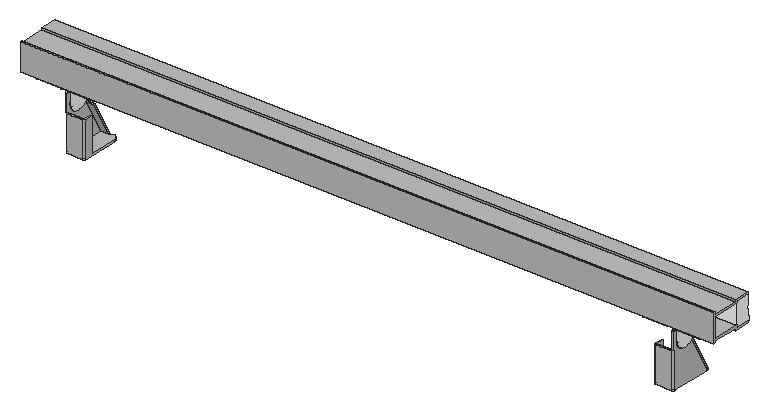
Revit family "4070757+4070746+4070771 Feilo Sylvania Lighting Fixture CURSUS 876MM 548LM WIDE LED 3K with CONTINUOUS WALL HOUSING with 70MM WALL BRACKET", category Lighting Fixtures, host Face, Revit 2017
Family settings
  Host = Face
  Round Connector Dimension = Use Diameter
  Part Type = Normal
  OmniClass Number = 23.80.70.14
  OmniClass Title = Luminaries for External Lighting
  Cut with Voids When Loaded = Yes
  Light Source = No
  Shared = No
  Room Calculation Point = No
Parameters (values of type "4070757 CURSUS 876MM 548LM WIDE LED 3K")
  Weight = "1.7 kg"
  Wattage Comments = "n/a"
  WarrantyStartDate [instance] = "n/a"
  WarrantyGuarantorParts = "n/a"
  WarrantyDurationUnit = "n/a"
  WarrantyDurationParts = "n/a"
  WarrantyDescription = "n/a"
  Voltage = 24 V
  URL = "http://www.sylvania-lighting.com"
  TypeName = "CURSUS 876MM 548LM WIDE LED 3K"
  TypeFixture_FEILO = CURSUS with CONTINUOUS WALL HOUSING : CURSUS 876MM 548LM WIDE LED 3K
  Type Image = <None>
  Type Comments = "n/a"
  TiltAngle [instance] = 0.00°
  StartAngle [instance] = TiltAngle + 270.00°  # 270.00°
  SerialNumber [instance] = "n/a"
  ReflectorMaterial = none
  PowerFactor = 0
  PowerConsumption = "13.5 W"
  NominalLength = 876 mm
  NominalHeight = 50 mm
  NominalDepth = 30 mm
  Name = "CURSUS 876MM 548LM WIDE LED 3K"
  ModelReference = Name  # "CURSUS 876MM 548LM WIDE LED 3K"
  ModelNumber = "4070757"
  Model = Name  # "CURSUS 876MM 548LM WIDE LED 3K"
  Material = "natural anodised extruded aluminium structure housing"
  ManufacturerName = "Feilo Sylvania"
  Manufacturer = "Feilo Sylvania"
  LuminousEfficacy = "40.59 lm/W"
  LuminaireType = ""
  LightOutputRatio = "100"
  LampsType = Lamp  # "LED"
  LampNominalLuminous = "548 lm"
  LampMacAdamStep = "n/a"
  LampColourTemperature = "3000 K"
  LampColourRenderingIndex = "80"
  Lamp = "LED"
  Keynote = "16500"
  InstallationDate [instance] = "n/a"
  InputVoltage = "24V DC"
  InputNominalFrequency = "n/a"
  IngressProtection = "IP67"
  ImpactProtectionIndex = "IK07"
  IfcExportType = "IfcLightFixtureType"
  IfcExportAs = "IfcLightFixtureType"
  ExpectedLife = 50000
  EndAngle [instance] = StartAngle - 180.00°  # 90.00°
  ElectricShockClassification = "Class III"
  DurationUnit = "hours"
  DocumentationLiterature = "http://www.sylvania-lighting.com/product/en-int/products/4070757"
  DimmingControlOptions = "n/a"
  DiffuserMaterial = Diffuser-Sylvania-Glow
  Description = "LED Exterior Lighting Recessed Surface Mounted Linear Fixture, Natural anodised extruded aluminium structure. Die-cast aluminium end caps. Installation kit with harmonic steel springs., 548 lm, 13,5W, 40lm/W, 3000K, CRI80+,non dimmable,IP67, IK07, (HxWxD) 876x50x30mm, 3 step Mac Adam Ellipse, 1.7kg,, Classe III, 21-25V-DC, energy class : A++, A+, A"
  Default Elevation = 1219.2 mm
  CreatedOn = "1/8/2018"
  CreatedBy = ""
  Cost = 0
  built-in parameter 1114216 [instance] = (empty or 0)
  ClassificationValue = "EF_70_80"
  ClassificationName = "Uniclass2015"
  BracketWidth = 24 mm
  BracketThickness = 2 mm
  BracketHeightEnd = 32 mm
  BracketHeight = 55 mm
  BracketFlange = BracketHeight / 5  # 11 mm
  BracketExtension = 70 mm
  BracketEndReduction = 25 mm
  BracketC = 22 mm  # constant formula
  BracketDistance = 745 mm
  BracketD = BracketHeightEnd - (BracketC * (BracketHeight - BracketHeightEnd) / (BracketExtension - BracketEndReduction))  # 20.756 mm
  BodyMaterial = Body-Sylvania-Gray
  BarCode [instance] = "n/a"
  AssetType = "Fixed"
  AssetIdentifier [instance] = "n/a"
  Assembly Code = "D5020200"
  Apparent Load = 13.5 VA
  AccessoryMaterial = Diffuser-Sylvania-Glow
Reference planes
  plane 1 "Center (Front/Back)": y = 0
  plane 2: z = 0
  plane 3 "Center (Left/Right)": x = 0
  plane 4: x = -384.5
  plane 5: x = 384.5
  plane 6: y = 55
  plane 7: x = -360.5
  plane 8: x = 360.5
  plane 9: z = 70
  plane 10: z = 56
  plane 11: z = 2
  plane 12: z = 45
  plane 13: x = -382.5
  plane 14: y = 53
  plane 15: y = 2
  plane 16: x = -362.5
  plane 17: x = 362.5
  plane 18: x = 382.5
  plane 19: x = -372.5
  plane 20: x = 372.5
  plane 21: y = 11
  plane 22: y = 32
  plane 23: y = 30
  plane 24: z = 67
  plane 25: y = 20.756
  plane 26: y = 16
Forms (mm)
  Blend 1, solid, material "Body-Sylvania-Gray" <- "BodyMaterial"
    base sketch origin (1223.4, -4572, 2) x (0, -1, 0) y (1, 0, 0)
      loop
        line (-4625, -1595.9) -> (-4627, -1595.9) -> (-4627, -1605.9)
        arc (-4627, -1605.9) -> (-4626.414, -1607.314) -> (-4625, -1607.9) r 2
        line (-4625, -1607.9) -> (-4574, -1607.9)
        arc (-4574, -1607.9) -> (-4572.586, -1607.314) -> (-4572, -1605.9) r 2
        line (-4572, -1605.9) -> (-4572, -1585.9)
        arc (-4572, -1585.9) -> (-4572.586, -1584.486) -> (-4574, -1583.9) r 2
        line (-4574, -1583.9) -> (-4583, -1583.9) -> (-4583, -1585.9) -> (-4574, -1585.9) -> (-4574, -1605.9) -> (-4625, -1605.9) -> (-4625, -1595.9)
    top sketch origin (1223.4, -4572, 2) x (0, -1, 0) y (1, 0, 0)
      loop
        line (-4583, -1585.9) -> (-4574, -1585.9) -> (-4574, -1605.9) -> (-4602, -1605.9) -> (-4602, -1595.9) -> (-4604, -1595.9) -> (-4604, -1605.9)
        arc (-4604, -1605.9) -> (-4603.52, -1607.21) -> (-4602.309, -1607.9) r 2.028
        line (-4602.309, -1607.9) -> (-4574, -1607.9)
        arc (-4574, -1607.9) -> (-4572.586, -1607.314) -> (-4572, -1605.9) r 2
        line (-4572, -1605.9) -> (-4572, -1585.9)
        arc (-4572, -1585.9) -> (-4572.586, -1584.486) -> (-4574, -1583.9) r 2
        line (-4574, -1583.9) -> (-4583, -1583.9) -> (-4583, -1585.9)
    from 0 to 43
  Extrusion 2, solid, material "Body-Sylvania-Gray" <- "BodyMaterial"
    sketch origin (0, 0, 0) x (1, 0, 0) y (0, 1, 0)
      loop
        arc (-382.5, 55) -> (-383.914, 54.414) -> (-384.5, 53) r 2
        line (-384.5, 53) -> (-384.5, 2)
        arc (-384.5, 2) -> (-383.914, 0.586) -> (-382.5, 0) r 2
        line (-382.5, 0) -> (-362.5, 0)
        arc (-362.5, 0) -> (-361.086, 0.586) -> (-360.5, 2) r 2
        line (-360.5, 2) -> (-360.5, 47.5)
        arc (-360.5, 47.5) -> (-362.697, 52.803) -> (-368, 55) r 7.5
        line (-368, 55) -> (-382.5, 55)
      loop
        line (382.5, 55) -> (368, 55)
        arc (368, 55) -> (362.697, 52.803) -> (360.5, 47.5) r 7.5
        line (360.5, 47.5) -> (360.5, 2)
        arc (360.5, 2) -> (361.086, 0.586) -> (362.5, 0) r 2
        line (362.5, 0) -> (382.5, 0)
        arc (382.5, 0) -> (383.914, 0.586) -> (384.5, 2) r 2
        line (384.5, 2) -> (384.5, 53)
        arc (384.5, 53) -> (383.914, 54.414) -> (382.5, 55) r 2
    from 0 to 2
  Blend 3, solid, material "Body-Sylvania-Gray" <- "BodyMaterial"
    base sketch origin (1223.4, -4572, 2) x (0, -1, 0) y (1, 0, 0)
      loop
        line (-4625, -840.9) -> (-4574, -840.9) -> (-4574, -860.9) -> (-4583, -860.9) -> (-4583, -862.9) -> (-4574, -862.9)
        arc (-4574, -862.9) -> (-4572.586, -862.314) -> (-4572, -860.9) r 2
        line (-4572, -860.9) -> (-4572, -840.9)
        arc (-4572, -840.9) -> (-4572.586, -839.486) -> (-4574, -838.9) r 2
        line (-4574, -838.9) -> (-4625, -838.9)
        arc (-4625, -838.9) -> (-4626.414, -839.486) -> (-4627, -840.9) r 2
        line (-4627, -840.9) -> (-4627, -850.9) -> (-4625, -850.9) -> (-4625, -840.9)
    top sketch origin (1223.4, -4572, 2) x (0, -1, 0) y (1, 0, 0)
      loop
        line (-4602, -850.9) -> (-4602, -840.9) -> (-4574, -840.9) -> (-4574, -860.9) -> (-4583, -860.9) -> (-4583, -862.9) -> (-4574, -862.9)
        arc (-4574, -862.9) -> (-4572.586, -862.314) -> (-4572, -860.9) r 2
        line (-4572, -860.9) -> (-4572, -840.9)
        arc (-4572, -840.9) -> (-4572.586, -839.486) -> (-4574, -838.9) r 2
        line (-4574, -838.9) -> (-4602, -838.9)
        arc (-4602, -838.9) -> (-4603.414, -839.486) -> (-4604, -840.9) r 2
        line (-4604, -840.9) -> (-4604, -850.9) -> (-4602, -850.9)
    from 0 to 43
  Blend 4, solid, material "Body-Sylvania-Gray" <- "BodyMaterial"
    base sketch origin (1223.4, -4572, 45) x (0, -1, 0) y (1, 0, 0)
      loop
        line (-4604, -1607.9) -> (-4572, -1607.9) -> (-4572, -1605.9) -> (-4604, -1605.9) -> (-4604, -1607.9)
    top sketch origin (1223.4, -4572, 45) x (0, -1, 0) y (1, 0, 0)
      loop
        line (-4572, -1607.9) -> (-4572, -1605.9) -> (-4592.756, -1605.9) -> (-4592.756, -1607.9) -> (-4572, -1607.9)
    from 0 to 22
  Blend 5, solid, material "Body-Sylvania-Gray" <- "BodyMaterial"
    base sketch origin (1223.4, -4572, 45) x (0, -1, 0) y (1, 0, 0)
      loop
        line (-4604, -840.9) -> (-4572, -840.9) -> (-4572, -838.9) -> (-4604, -838.9) -> (-4604, -840.9)
    top sketch origin (1223.4, -4572, 45) x (0, -1, 0) y (1, 0, 0)
      loop
        line (-4572, -838.9) -> (-4592.756, -838.9) -> (-4592.756, -840.9) -> (-4572, -840.9) -> (-4572, -838.9)
    from 0 to 22
  Extrusion 6, void
    sketch origin (0, 0, 0) x (0, 1, 0) y (0, 0, 1)
      loop
        line (0, 45) -> (2, 45) -> (2, 46.5) -> (0, 46.5) -> (0, 45)
      loop
        line (32, 45) -> (32, 46.5) -> (30, 46.5) -> (30, 45) -> (32, 45)
    from -384.5 to 384.5
  Revolve 7, solid, not visible
    sketch origin (1524, 16, 1219.2) x (1, 0, 0) y (0, 0, 1)
      loop
        line (-1524, -1152.2) -> (-1524, -1163.2) -> (-1151.5, -1163.2) -> (-1151.5, -1152.2) -> (-1524, -1152.2)
      axis (-1151.5, -1163.2) -> (-1524, -1163.2)
    angle from 270 <- "StartAngle" to 90 <- "EndAngle"
Cuts and joins
  Extrusion 6 cuts Blend 4
  Extrusion 6 cuts Blend 5
  joined: Blend 1, Extrusion 2, Blend 3, Blend 4, Blend 5
Lines and regions (mm)
  reference lines, not visible
    curve 1: line (-360.5, 16, 56) -> (360.5, 16, 56)
Dimensions and locks
  equal spacing: plane 4, plane 3 "Center (Left/Right)", plane 5
  "BracketDistance": plane 19 to plane 20
  "BracketHeight": plane 1 "Center (Front/Back)" to plane 6
  equal spacing: plane 7, plane 3 "Center (Left/Right)", plane 8
  "BracketWidth": plane 4 to plane 7
  "BracketExtension": plane 9 to plane 2
  "BracketThickness": plane 11 to plane 2
  "BracketEndReduction": plane 9 to plane 12
  equal spacing: plane 13, plane 3 "Center (Left/Right)", plane 18
  equal spacing: plane 16, plane 3 "Center (Left/Right)", plane 17
  "BracketThickness": plane 4 to plane 13
  "BracketThickness": plane 16 to plane 7
  "BracketThickness": plane 14 to plane 6
  "BracketThickness": plane 1 "Center (Front/Back)" to plane 15
  equal spacing: plane 4, plane 19, plane 7
  equal spacing: plane 8, plane 20, plane 5
  "BracketFlange": plane 1 "Center (Front/Back)" to plane 21
  "BracketHeightEnd": plane 1 "Center (Front/Back)" to plane 22
  "BracketThickness": plane 23 to plane 22
  locked: Extrusion 2 sketch curve to plane 7 at 7.5
  locked: Extrusion 2 sketch curve to plane 6 at 7.5  (x2)
  locked: plane 8 to Extrusion 2 sketch curve at 7.5
  "BracketC": plane 24 to plane 12
  "BracketD": plane 1 "Center (Front/Back)" to plane 25
  locked: plane 12 to Extrusion 6 sketch curve at 1.5
  equal spacing: plane 24, plane 10, plane 12
  equal spacing: plane 1 "Center (Front/Back)", plane 26, plane 22
  aligned and locked: plane 2 to host face
  aligned and locked: level to host face
  aligned and locked: plane 4 to Blend 1 sketch curve  (x2)
  aligned and locked: plane 13 to Blend 1 sketch curve  (x3)
  aligned and locked: Blend 1 sketch curve to plane 15
  aligned and locked: Blend 1 sketch curve to plane 16
  aligned and locked: Blend 1 sketch curve to plane 21
  aligned and locked: plane 7 to Blend 1 sketch curve
  aligned and locked: plane 16 to Blend 1 sketch curve
  aligned and locked: plane 1 "Center (Front/Back)" to Blend 1 sketch curve
  aligned and locked: plane 14 to Blend 1 sketch curve
  aligned and locked: Blend 1 sketch curve to var sketch  (x6)
  aligned and locked: Blend 1 sketch curve to plane 19
  aligned and locked: Blend 1 sketch curve to plane 22
  aligned and locked: plane 23 to Blend 1 sketch curve
  aligned and locked: plane 11 to Blend 1
  aligned and locked: Extrusion 2 sketch curve to Blend 1  (x3)
  aligned and locked: Extrusion 2 to level
  aligned and locked: Extrusion 2 to plane 11
  aligned and locked: Extrusion 2 sketch curve to plane 7
  aligned and locked: plane 18 to Blend 3 sketch curve  (x4)
  aligned and locked: plane 14 to Blend 3 sketch curve  (x2)
  aligned and locked: Blend 3 sketch curve to plane 20
  aligned and locked: Blend 3 sketch curve to plane 6
  aligned and locked: plane 5 to Blend 3 sketch curve
  aligned and locked: plane 1 "Center (Front/Back)" to Blend 3 sketch curve
  aligned and locked: plane 15 to Blend 3 sketch curve  (x2)
  aligned and locked: Blend 3 sketch curve to plane 8
  aligned and locked: Blend 3 sketch curve to plane 21
  aligned and locked: plane 17 to Blend 3 sketch curve
  aligned and locked: Blend 3 sketch curve to plane 18
  aligned and locked: plane 20 to Blend 3 sketch curve  (x2)
  aligned and locked: Blend 3 sketch curve to plane 23
  aligned and locked: Blend 3 sketch curve to var sketch  (x8)
  aligned and locked: var sketch to Blend 3 sketch curve
  aligned and locked: plane 22 to Blend 3 sketch curve
  aligned and locked: plane 11 to Blend 3
  aligned and locked: Extrusion 2 sketch curve to Blend 3  (x4)
  aligned and locked: Blend 1 to plane 12
  aligned and locked: Blend 3 to plane 12
  aligned and locked: Blend 4 sketch curve to plane 22
  aligned and locked: Blend 4 sketch curve to cut or joined group of Blend 1, Extrusion 2, Blend 3, Blend 4, Blend 5, Extrusion 6  (x2)
  aligned and locked: cut or joined group of Blend 1, Extrusion 2, Blend 3, Blend 4, Blend 5, Extrusion 6 to Blend 4 sketch curve
  aligned and locked: Blend 4 sketch curve to var sketch  (x2)
  aligned and locked: Blend 4 sketch curve to plane 13
  aligned and locked: Blend 4 to plane 24
  aligned and locked: Blend 4 sketch curve to plane 25
  aligned and locked: Blend 5 sketch curve to plane 18  (x2)
  aligned and locked: plane 1 "Center (Front/Back)" to Blend 5 sketch curve
  aligned and locked: plane 5 to Blend 5 sketch curve
  aligned and locked: plane 22 to Blend 5 sketch curve
  aligned and locked: Blend 5 sketch curve to var sketch
  aligned and locked: var sketch to Blend 5 sketch curve
  aligned and locked: Blend 5 sketch curve to plane 25
  aligned and locked: Blend 5 to plane 24
  aligned and locked: plane 12 to Blend 5
  aligned and locked: Extrusion 6 sketch curve to cut or joined group of Blend 1, Extrusion 2, Blend 3, Blend 4, Blend 5, Extrusion 6  (x2)
  aligned and locked: Extrusion 6 sketch curve to Extrusion 6 sketch curve
  aligned and locked: Extrusion 6 sketch curve to plane 15
  aligned and locked: plane 5 to Extrusion 6
  aligned and locked: Extrusion 6 to plane 4
  aligned and locked: Extrusion 6 sketch curve to plane 23
  aligned and locked: Revolve 7 sketch curve to plane 10  (x2)
  aligned and locked: plane 24 to Revolve 7 sketch curve
  aligned and locked: plane 3 "Center (Left/Right)" to Revolve 7 sketch curve
  aligned and locked: Revolve 7 sketch curve to plane 20
  aligned and locked: plane 7 to curve 1
  aligned and locked: plane 10 to curve 1
  aligned and locked: nested 1 to plane 5
  aligned and locked: nested 2 to plane 4
  aligned and locked: nested 1 to curve 1
  aligned and locked: nested 2 to curve 1
  aligned and locked: nested 1 to nested 3
  aligned and locked: nested 3 to plane 3 "Center (Left/Right)"
Automatic sketch dimensions
  host sketch curve to host sketch curve = 2438.4 mm  (x2)
  Blend 1 sketch curve to plane 13 = 0 mm
  plane 15 to Blend 1 sketch curve = 0 mm  (x3)
  Blend 1 sketch curve to plane 23 = 0.309 mm
  plane 6 to Blend 1 sketch curve = 0 mm
  plane 14 to Blend 1 sketch curve = 0 mm
  Blend 1 sketch curve to plane 19 = 0 mm
  Blend 3 sketch curve to plane 17 = 0 mm
  Extrusion 6 sketch curve to plane 1 "Center (Front/Back)" = 0 mm
  plane 12 to Extrusion 6 sketch curve = 0 mm
  Revolve 7 sketch curve to plane 4 = 1153 mm
  plane 5 to Revolve 7 sketch curve = 1161.4 mm
  curve 1 to plane 8 = 0 mm
Nested families
  nested 1: "MountingPlate" at (383.5, 16, 56) x (-1, 0, 0) z (0, 0, 1), type "MountingPlate"
  nested 2: "MountingPlate" at (-383.5, 16, 56) x (-1, 0, 0) z (0, 0, 1), type "MountingPlate"
  nested 3: "CURSUS with CONTINUOUS WALL HOUSING" at (0, -4, 74) x (-1, 0, 0) z (0, 0, 1), type <- "TypeFixture_FEILO", type "CURSUS 876MM 548LM WIDE LED 3K"
    with WarrantyStartDate "n/a", SerialNumber "n/a", InstallationDate "n/a", EndCapRight no, EndCapLeft no, built-in parameter 1114216 (empty or 0), BarCode "n/a", AssetIdentifier "n/a"
Connectors
  electrical at (0, 0, 0), driven by "Voltage", driven by "Apparent Load", driven by "PowerFactor", driven by "Apparent Load"
    settings: index 1, voltage 24 V, apparent load 13.5 VA, apparent load phase1 13.5 VA, apparent load phase2 0 VA, apparent load phase3 0 VA, power factor 0, load classification "Other", number of poles 1, system type 30, power factor state 1, is connector primary yes, connector utility no, sub classification motor no, connector description ""
Definition of nested family "MountingPlate"
  Parameters (values of type "MountingPlate")
    URL = "http://www.feilosylvania.com"
    Type Comments = "n/a"
    ReflectorMaterial = none
    MountingPlateWidth = 76 mm
    MountingPlateThickness = 2 mm
    MountingPlateRadiusBack = 12 mm
    MountingPlateRadius = 3 mm
    MountingPlateHeight = 35 mm
    Model = "n/a"
    Manufacturer = "Feilo Sylvania"
    Keynote = "n/a"
    DiffuserMaterial = none
    Description = "n/a"
    Default Elevation = 1219.2 mm
    Cost = 0
    BodyMaterial = none
    Assembly Code = "n/a"
    AccessoryMaterial = none
  Reference planes
    plane 1 "Center (Front/Back)": y = 0
    plane 2: z = 0
    plane 3 "Center (Left/Right)": x = 0
    plane 4: x = -38
    plane 5: x = 38
    plane 6: y = 17.5
    plane 7: y = -17.5
    plane 8: x = -3
    plane 9: x = 3
    plane 10: z = 18
    plane 11: z = 16
    plane 12: y = 12.5
    plane 13: y = -12.5
    plane 14: x = -1
    plane 15: x = 1
    plane 16: z = -12.5
    plane 17: z = -14.5
  Forms (mm)
    Extrusion 1, solid
      sketch origin (1.653, 0, 0) x (1, 0, 0) y (0, 1, 0)
        loop
          line (-1219.2, 1219.2) -> (-1219.2, -1219.2) -> (1219.2, -1219.2) -> (1219.2, 1219.2) -> (-1219.2, 1219.2)
      from 0 to -304.8
    Extrusion 2, solid, material <- "BodyMaterial"
      sketch origin (1218.4, -4572, 16) x (0, -1, 0) y (-1, 0, 0)
        loop
          line (-4589.5, 1253.4) -> (-4589.5, 1224.4)
          arc (-4589.5, 1224.4) -> (-4588.621, 1222.279) -> (-4586.5, 1221.4) r 3
          line (-4586.5, 1221.4) -> (-4557.5, 1221.4)
          arc (-4557.5, 1221.4) -> (-4555.379, 1222.279) -> (-4554.5, 1224.4) r 3
          line (-4554.5, 1224.4) -> (-4554.5, 1253.4)
          arc (-4554.5, 1253.4) -> (-4555.379, 1255.521) -> (-4557.5, 1256.4) r 3
          line (-4557.5, 1256.4) -> (-4586.5, 1256.4)
          arc (-4586.5, 1256.4) -> (-4588.621, 1255.521) -> (-4589.5, 1253.4) r 3
        loop
          arc (-4589.5, 1183.4) -> (-4588.621, 1181.279) -> (-4586.5, 1180.4) r 3
          line (-4586.5, 1180.4) -> (-4557.5, 1180.4)
          arc (-4557.5, 1180.4) -> (-4555.379, 1181.279) -> (-4554.5, 1183.4) r 3
          line (-4554.5, 1183.4) -> (-4554.5, 1212.4)
          arc (-4554.5, 1212.4) -> (-4555.379, 1214.521) -> (-4557.5, 1215.4) r 3
          line (-4557.5, 1215.4) -> (-4586.5, 1215.4)
          arc (-4586.5, 1215.4) -> (-4588.621, 1214.521) -> (-4589.5, 1212.4) r 3
          line (-4589.5, 1212.4) -> (-4589.5, 1183.4)
      from 0 to -2
    Extrusion 3, solid, material <- "BodyMaterial"
      sketch origin (0, 0, 0) x (1, 0, 0) y (0, 0, 1)
        loop
          line (-3, 18) -> (-3, -12.5) -> (-1, -12.5) -> (-1, 16)
          arc (-1, 16) -> (-1.586, 17.414) -> (-3, 18) r 2
        loop
          line (3, -12.5) -> (3, 18)
          arc (3, 18) -> (1.586, 17.414) -> (1, 16) r 2
          line (1, 16) -> (1, -12.5) -> (3, -12.5)
      from -12.5 to 12.5
    Extrusion 4, void
      sketch origin (0, 0, 0) x (0, 1, 0) y (0, 0, 1)
        loop
          line (-12.5, -0.5) -> (-17.5, -0.5) -> (-17.5, -14.5) -> (-0.5, -14.5) -> (-0.5, -12.5)
          arc (-0.5, -12.5) -> (-8.985, -8.985) -> (-12.5, -0.5) r 12
        loop
          line (0.5, -12.5) -> (0.5, -14.5) -> (17.5, -14.5) -> (17.5, -0.5) -> (12.5, -0.5)
          arc (12.5, -0.5) -> (8.985, -8.985) -> (0.5, -12.5) r 12
      from -3 to 3
  Cuts and joins
    Extrusion 4 cuts Extrusion 2
    Extrusion 4 cuts Extrusion 3
    joined: Extrusion 2, Extrusion 3
  Lines and regions (mm)
    reference lines
      curve 1: line (-38, 0, 0) -> (38, 0, 0)
  Dimensions and locks
    equal spacing: plane 4, plane 3 "Center (Left/Right)", plane 5
    "MountingPlateWidth": plane 4 to plane 5
    equal spacing: plane 7, plane 1 "Center (Front/Back)", plane 6
    "MountingPlateHeight": plane 7 to plane 6
    equal spacing: plane 8, plane 3 "Center (Left/Right)", plane 9
    "MountingPlateHeight": plane 4 to plane 8
    locked: plane 10 to plane 2 at 18
    "MountingPlateThickness": plane 10 to plane 11
    equal spacing: plane 13, plane 1 "Center (Front/Back)", plane 12
    locked: plane 13 to plane 12 at 25
    "MountingPlateRadius": plane 4 to Extrusion 2 sketch curve  (x2)
    "MountingPlateRadius": Extrusion 2 sketch curve to plane 6  (x4)
    "MountingPlateRadius": Extrusion 2 sketch curve to plane 8  (x2)
    "MountingPlateRadius": plane 7 to Extrusion 2 sketch curve  (x4)
    "MountingPlateRadius": plane 9 to Extrusion 2 sketch curve  (x2)
    "MountingPlateRadius": Extrusion 2 sketch curve to plane 5  (x2)
    equal spacing: plane 15, plane 3 "Center (Left/Right)", plane 14
    "MountingPlateThickness": plane 14 to plane 8
    locked: plane 2 to plane 16 at 12.5
    locked: plane 17 to plane 16 at 2
    "MountingPlateRadiusBack": plane 13 to Extrusion 4 sketch curve
    "MountingPlateRadiusBack": plane 16 to Extrusion 4 sketch curve  (x2)
    "MountingPlateRadiusBack": Extrusion 4 sketch curve to plane 12
    aligned and locked: plane 2 to Extrusion 1
    aligned and locked: level to Extrusion 1
    aligned and locked: Extrusion 2 sketch curve to plane 6
    aligned and locked: Extrusion 2 sketch curve to plane 4
    aligned and locked: plane 7 to Extrusion 2 sketch curve
    aligned and locked: plane 8 to Extrusion 2 sketch curve
    aligned and locked: plane 6 to Extrusion 2 sketch curve
    aligned and locked: Extrusion 2 sketch curve to plane 5
    aligned and locked: Extrusion 2 sketch curve to plane 7
    aligned and locked: plane 9 to Extrusion 2 sketch curve
    aligned and locked: Extrusion 2 to plane 10
    aligned and locked: plane 11 to Extrusion 2
    aligned and locked: Extrusion 3 sketch curve to Extrusion 2  (x2)
    aligned and locked: plane 16 to Extrusion 3 sketch curve  (x2)
    aligned and locked: plane 14 to Extrusion 3 sketch curve
    aligned and locked: plane 9 to Extrusion 3 sketch curve
    aligned and locked: plane 15 to Extrusion 3 sketch curve
    aligned and locked: Extrusion 3 to plane 12
    aligned and locked: plane 13 to Extrusion 3
    aligned and locked: plane 17 to Extrusion 4 sketch curve  (x2)
    aligned and locked: Extrusion 4 sketch curve to plane 7
    aligned and locked: Extrusion 4 sketch curve to plane 6
    aligned and locked: plane 9 to Extrusion 4
    aligned and locked: Extrusion 4 to plane 8
    aligned and locked: plane 4 to curve 1
    aligned and locked: curve 1 to level
  Automatic sketch dimensions
    Extrusion 1 sketch curve to Extrusion 1 sketch curve = 2438.4 mm  (x2)
    Extrusion 3 sketch curve to plane 11 = 0 mm
    curve 1 to plane 5 = 0 mm
    Extrusion 4 sketch curve to plane 13 = 0 mm
    Extrusion 4 sketch curve to plane 12 = 0 mm
Definition of nested family "CURSUS with CONTINUOUS WALL HOUSING"
  Parameters (values of type "CURSUS 1161MM 827LM OVAL LED 3K")
    Width_FEILO = 35 mm
    Weight = "2.2 kg"
    Wattage Comments = "n/a"
    Wattage = 18 W
    WarrantyStartDate [instance] = "n/a"
    WarrantyGuarantorParts = "n/a"
    WarrantyDurationUnit = "n/a"
    WarrantyDurationParts = "n/a"
    WarrantyDescription = "n/a"
    WallThickness_FEILO = 2.5 mm
    built-in parameter 1150110 = 1 (stored number, unit not read)
    Voltage = 24 V
    URL = "http://www.feilosylvania.com"
    TypeName = "CURSUS 1161MM 827LM OVAL LED 3K"
    Type Image = (empty or 0)
    Type Comments = "n/a"
    built-in parameter 1114217 = 1 (stored number, unit not read)
    Tilt Angle = -90.00°
    built-in parameter 1150109 = 1 (stored number, unit not read)
    built-in parameter 1150134 = (empty or 0)
    built-in parameter 1150113 = 1 (stored number, unit not read)
    SerialNumber [instance] = "n/a"
    ReflectorMaterial = none
    PowerFactor = 0
    PowerConsumption = "18 W"
    Photometric Web File = "4070765.ies"
    NominalLength = 1161 mm
    NominalHeight = 50 mm
    NominalDepth = 30 mm
    Name = "CURSUS 1161MM 827LM OVAL LED 3K"
    ModelReference = Name  # "CURSUS 1161MM 827LM OVAL LED 3K"
    ModelNumber = ""
    Model = Name  # "CURSUS 1161MM 827LM OVAL LED 3K"
    Material = "natural anodised extruded aluminium structure housing, optical system with pmma lenses diffuser"
    ManufacturerName = "Feilo Sylvania"
    Manufacturer = "Feilo Sylvania"
    LuminousEfficacy = "45.94 lm/W"
    built-in parameter 1150105 = 65.811 (stored number, unit not read)
    Lumens = 827 lm
    LuminaireType = ""
    built-in parameter 1150115 = 1 (stored number, unit not read)
    LightOutputRatio = "100"
    built-in parameter 1150137 = (empty or 0)
    built-in parameter 1150139 = (empty or 0)
    Length_FEILO = 1167 mm
    LampsType = Lamp  # "LED"
    LampNominalLuminous = "827 lm"
    LampMacAdamStep = "n/a"
    LampColourTemperature = "3000 K"
    LampColourRenderingIndex = "80"
    built-in parameter 1150112 = 1 (stored number, unit not read)
    built-in parameter 1150114 = 1 (stored number, unit not read)
    Lamp = "LED"
    Keynote = "16500"
    InstallationDate [instance] = "n/a"
    InputVoltage = "24V DC"
    InputNominalFrequency = "n/a"
    built-in parameter 1150132 = (empty or 0)
    built-in parameter 1150102 = (empty or 0)
    built-in parameter 1150107 = 3000 (stored number, unit not read)
    built-in parameter 1150138 = (empty or 0)
    IngressProtection = "IP67"
    ImpactProtectionIndex = "IK07"
    built-in parameter 1150106 = 0.65811 (stored number, unit not read)
    IfcExportType = "IfcLightFixtureType"
    IfcExportAs = "IfcLightFixtureType"
    ExpectedLife = 50000
    EndCapRight [instance] = no
    EndCapLeft [instance] = no
    Emit from Rectangle Width = Width_FEILO - WallThickness_FEILO * 2  # 30 mm
    Emit from Rectangle Length = Length_FEILO - WallThickness_FEILO * 2  # 1162 mm
    Emit Shape Visible in Rendering = no
    ElectricShockClassification = "Class III"
    built-in parameter 1150104 = 4.2684 (stored number, unit not read)
    DurationUnit = "hours"
    DocumentationLiterature = "http://www.feilosylvania.com/product/en-int/products/4070765"
    DimmingControlOptions = "n/a"
    Dimming Lamp Color Temperature Shift = (empty or 0)
    DiffuserMaterial = none
    Description = "LED Exterior Lighting Recessed Surface Mounted Linear Fixture, Natural anodised extruded aluminium structure. Die-cast aluminium end caps. Installation kit with harmonic steel springs., 827 lm, 18W, 45lm/W, 3000K, CRI80+,non dimmable,IP67, IK07, (HxWxD) 1161x50x30mm, 3 step Mac Adam Ellipse, 2.2kg,, Classe III, 21-25V-DC, energy class : A++, A+, A"
    Default Elevation = 1219.2 mm
    CreatedOn = "1/8/2018"
    CreatedBy = "aron.fodor@feilosylvania.com"
    Cost = 0
    Color Filter = 16777215
    built-in parameter 1114216 [instance] = (empty or 0)
    ClassificationValue = "EF_70_80"
    ClassificationName = "Uniclass2015"
    BodyMaterial = none
    BarCode [instance] = "n/a"
    built-in parameter 1114218 = 1 (stored number, unit not read)
    built-in parameter 1150133 = 10 (stored number, unit not read)
    AssetType = "Fixed"
    AssetIdentifier [instance] = "n/a"
    Assembly Code = "D5020200"
    Apparent Load = 18 VA
    AccessoryMaterial = none
  Types (16, lengths in mm): name | Weight | Wattage | Voltage | TypeName | built-in parameter 1150134 | PowerConsumption | Photometric Web File | NominalLength | Name | ModelReference | Model | Material | LuminousEfficacy | built-in parameter 1150105 | Lumens | Length_FEILO | LampNominalLuminous | LampColourTemperature | InputVoltage | InputNominalFrequency | built-in parameter 1150107 | built-in parameter 1150106 | Emit from Rectangle Length | built-in parameter 1150104 | DocumentationLiterature | Description | Apparent Load
    CURSUS 1161MM 827LM OVAL LED 3K | "2.2 kg" | 18 W | 24 V | "CURSUS 1161MM 827LM OVAL LED 3K" | (empty or 0) | "18 W" | "4070765.ies" | 1161 | "CURSUS 1161MM 827LM OVAL LED 3K" | "CURSUS 1161MM 827LM OVAL LED 3K" | "CURSUS 1161MM 827LM OVAL LED 3K" | "natural anodised extruded aluminium structure housing, optical system with pmma lenses diffuser" | "45.94 lm/W" | 65.811 (stored number, unit not read) | 827 lm | 1167 | "827 lm" | "3000 K" | "24V DC" | "n/a" | 3000 (stored number, unit not read) | 0.65811 (stored number, unit not read) | 1162 | 4.2684 (stored number, unit not read) | "http://www.feilosylvania.com/product/en-int/products/4070765" | "LED Exterior Lighting Recessed Surface Mounted Linear Fixture, Natural anodised extruded aluminium structure. Die-cast aluminium end caps. Installation kit with harmonic steel springs., 827 lm, 18W, 45lm/W, 3000K, CRI80+,non dimmable,IP67, IK07, (HxWxD) 1161x50x30mm, 3 step Mac Adam Ellipse, 2.2kg,, Classe III, 21-25V-DC, energy class : A++, A+, A" | 18 VA
    CURSUS 1161MM 731LM WIDE LED 3K | "2.2 kg" | 18 W | 230 V | "CURSUS 1161MM 731LM WIDE LED 3K" | (empty or 0) | "18 W" | "4070764.ies" | 1161 | "CURSUS 1161MM 731LM WIDE LED 3K" | "CURSUS 1161MM 731LM WIDE LED 3K" | "CURSUS 1161MM 731LM WIDE LED 3K" | "natural anodised extruded aluminium structure housing" | "40.61 lm/W" | 58.171 (stored number, unit not read) | 731 lm | 1167 | "731 lm" | "3000 K" | "220-240V~" | "n/a" | 3000 (stored number, unit not read) | 0.58171 (stored number, unit not read) | 1162 | 3.7729 (stored number, unit not read) | "http://www.feilosylvania.com/product/en-int/products/4070764" | "LED Exterior Lighting Recessed Surface Mounted Linear Fixture, Natural anodised extruded aluminium structure. Die-cast aluminium end caps. Installation kit with harmonic steel springs., 731 lm, 18W, 40lm/W, 3000K, CRI80+,non dimmable,IP67, IK07, (HxWxD) 1161x50x30mm, 3 step Mac Adam Ellipse, 2.2kg,, Classe III, 21-25V-DC, energy class : A++, A+, A" | 18 VA
    CURSUS 1161MM 871LM OVAL LED 4K | "2.2 kg" | 18 W | 24 V | "CURSUS 1161MM 871LM OVAL LED 4K" | 12 | "18 W" | "4070763.ies" | 1161 | "CURSUS 1161MM 871LM OVAL LED 4K" | "CURSUS 1161MM 871LM OVAL LED 4K" | "CURSUS 1161MM 871LM OVAL LED 4K" | "natural anodised extruded aluminium structure housing, optical system with pmma lenses diffuser" | "48.38 lm/W" | 69.312 (stored number, unit not read) | 871 lm | 1167 | "871 lm" | "4000 K" | "24V DC" | "50/60 Hz" | 4000 (stored number, unit not read) | 0.69312 (stored number, unit not read) | 1162 | 4.4955 (stored number, unit not read) | "http://www.feilosylvania.com/product/en-int/products/4070763" | "LED Exterior Lighting Recessed Surface Mounted Linear Fixture, Natural anodised extruded aluminium structure. Die-cast aluminium end caps. Installation kit with harmonic steel springs., 871 lm, 18W,  48lm/W, 4000K, CRI80+,non dimmable,IP67, IK07, (HxWxD) 1161x50x30mm, 3 step Mac Adam Ellipse, 2.2kg,, Classe III, 21-25V-DC, energy class : A++, A+, A" | 18 VA
    CURSUS 1161MM 770LM WIDE LED 4K | "2.2 kg" | 18 W | 230 V | "CURSUS 1161MM 770LM WIDE LED 4K" | 12 | "18 W" | "4070762.ies" | 1161 | "CURSUS 1161MM 770LM WIDE LED 4K" | "CURSUS 1161MM 770LM WIDE LED 4K" | "CURSUS 1161MM 770LM WIDE LED 4K" | "natural anodised extruded aluminium structure housing" | "42.77 lm/W" | 61.275 (stored number, unit not read) | 770 lm | 1167 | "770 lm" | "4000 K" | "220-240V~" | "n/a" | 4000 (stored number, unit not read) | 0.61275 (stored number, unit not read) | 1162 | 3.9742 (stored number, unit not read) | "http://www.feilosylvania.com/product/en-int/products/4070762" | "LED Exterior Lighting Recessed Surface Mounted Linear Fixture, Natural anodised extruded aluminium structure. Die-cast aluminium end caps. Installation kit with harmonic steel springs., 770 lm, 18W,  42lm/W, 4000K, CRI80+,non dimmable,IP67, IK07, (HxWxD) 1161x50x30mm, 3 step Mac Adam Ellipse, 2.2kg,, Classe III, 21-25V-DC, energy class : A++, A+, A" | 18 VA
    CURSUS 876MM 620LM OVAL LED 3K | "1.7 kg" | 13.5 W | 24 V | "CURSUS 876MM 620LM OVAL LED 3K" | (empty or 0) | "13.5 W" | "4070758.ies" | 876 | "CURSUS 876MM 620LM OVAL LED 3K" | "CURSUS 876MM 620LM OVAL LED 3K" | "CURSUS 876MM 620LM OVAL LED 3K" | "natural anodised extruded aluminium structure housing, optical system with pmma lenses diffuser" | "45.92 lm/W" | 49.338 (stored number, unit not read) | 620 lm | 882 | "620 lm" | "3000 K" | "24V DC" | "50/60 Hz" | 3000 (stored number, unit not read) | 0.49338 (stored number, unit not read) | 877 | 4.2667 (stored number, unit not read) | "http://www.feilosylvania.com/product/en-int/products/4070758" | "LED Exterior Lighting Recessed Surface Mounted Linear Fixture, Natural anodised extruded aluminium structure. Die-cast aluminium end caps. Installation kit with harmonic steel springs., 620 lm, 13,5W, 45lm/W, 3000K, CRI80+,non dimmable,IP67, IK07, (HxWxD) 876x50x30mm, 3 step Mac Adam Ellipse, 1.7kg,, Classe III, 21-25V-DC, energy class : A++, A+, A" | 13.5 VA
    CURSUS 876MM 548LM WIDE LED 3K | "1.7 kg" | 13.5 W | 24 V | "CURSUS 876MM 548LM WIDE LED 3K" | (empty or 0) | "13.5 W" | "4070757.ies" | 876 | "CURSUS 876MM 548LM WIDE LED 3K" | "CURSUS 876MM 548LM WIDE LED 3K" | "CURSUS 876MM 548LM WIDE LED 3K" | "natural anodised extruded aluminium structure housing" | "40.59 lm/W" | 43.608 (stored number, unit not read) | 548 lm | 882 | "548 lm" | "3000 K" | "24V DC" | "n/a" | 3000 (stored number, unit not read) | 0.43608 (stored number, unit not read) | 877 | 3.7712 (stored number, unit not read) | "http://www.feilosylvania.com/product/en-int/products/4070757" | "LED Exterior Lighting Recessed Surface Mounted Linear Fixture, Natural anodised extruded aluminium structure. Die-cast aluminium end caps. Installation kit with harmonic steel springs., 548 lm, 13,5W, 40lm/W, 3000K, CRI80+,non dimmable,IP67, IK07, (HxWxD) 876x50x30mm, 3 step Mac Adam Ellipse, 1.7kg,, Classe III, 21-25V-DC, energy class : A++, A+, A" | 13.5 VA
    CURSUS 876MM 653LM OVAL LED 4K | "1.7 kg" | 13.5 W | 24 V | "CURSUS 876MM 653LM OVAL LED 4K" | 12 | "13.5 W" | "4070756.ies" | 876 | "CURSUS 876MM 653LM OVAL LED 4K" | "CURSUS 876MM 653LM OVAL LED 4K" | "CURSUS 876MM 653LM OVAL LED 4K" | "natural anodised extruded aluminium structure housing, optical system with pmma lenses diffuser" | "48.37 lm/W" | 51.964 (stored number, unit not read) | 653 lm | 882 | "653 lm" | "4000 K" | "24V DC" | "n/a" | 4000 (stored number, unit not read) | 0.51964 (stored number, unit not read) | 877 | 4.4938 (stored number, unit not read) | "http://www.feilosylvania.com/product/en-int/products/4070756" | "LED Exterior Lighting Recessed Surface Mounted Linear Fixture, Natural anodised extruded aluminium structure. Die-cast aluminium end caps. Installation kit with harmonic steel springs., 653 lm, 13,5W,  48lm/W, 4000K, CRI80+,non dimmable,IP67, IK07, (HxWxD) 876x50x30mm, 3 step Mac Adam Ellipse, 1.7kg,, Classe III, 21-25V-DC, energy class : A++, A+, A" | 13.5 VA
    CURSUS 876MM 577LM WIDE LED 4K | "1.7 kg" | 13.5 W | 24 V | "CURSUS 876MM 577LM WIDE LED 4K" | 12 | "13.5 W" | "4070755.ies" | 876 | "CURSUS 876MM 577LM WIDE LED 4K" | "CURSUS 876MM 577LM WIDE LED 4K" | "CURSUS 876MM 577LM WIDE LED 4K" | "natural anodised extruded aluminium structure housing" | "42.74 lm/W" | 45.916 (stored number, unit not read) | 577 lm | 882 | "577 lm" | "4000 K" | "24V DC" | "n/a" | 4000 (stored number, unit not read) | 0.45916 (stored number, unit not read) | 877 | 3.9707 (stored number, unit not read) | "http://www.feilosylvania.com/product/en-int/products/4070755" | "LED Exterior Lighting Recessed Surface Mounted Linear Fixture, Natural anodised extruded aluminium structure. Die-cast aluminium end caps. Installation kit with harmonic steel springs., 577 lm, 13,5W,  42lm/W, 4000K, CRI80+,non dimmable,IP67, IK07, (HxWxD) 876x50x30mm, 3 step Mac Adam Ellipse, 1.7kg,, Classe III, 21-25V-DC, energy class : A++, A+, A" | 13.5 VA
    CURSUS 591MM 414LM OVAL LED 3K | "1.2 kg" | 9 W | 24 V | "CURSUS 591MM 414LM OVAL LED 3K" | (empty or 0) | "9 W" | "4070751.ies" | 591 | "CURSUS 591MM 414LM OVAL LED 3K" | "CURSUS 591MM 414LM OVAL LED 3K" | "CURSUS 591MM 414LM OVAL LED 3K" | "natural anodised extruded aluminium structure housing, optical system with pmma lenses diffuser" | "46 lm/W" | 32.945 (stored number, unit not read) | 414 lm | 597 | "414 lm" | "3000 K" | "24V DC" | "n/a" | 3000 (stored number, unit not read) | 0.32945 (stored number, unit not read) | 592 | 4.2735 (stored number, unit not read) | "http://www.feilosylvania.com/product/en-int/products/4070751" | "LED Exterior Lighting Recessed Surface Mounted Linear Fixture, Natural anodised extruded aluminium structure. Die-cast aluminium end caps. Installation kit with harmonic steel springs., 414 lm, 9W, 46lm/W, 3000K, CRI80+,non dimmable,IP67, IK07, (HxWxD) 591x50x30mm, 3 step Mac Adam Ellipse, 1.2kg,, Classe III, 21-25V-DC, energy class : A++, A+, A" | 9 VA
    CURSUS 591MM 365LM WIDE LED 3K | "1.2 kg" | 9 W | 24 V | "CURSUS 591MM 365LM WIDE LED 3K" | (empty or 0) | "9 W" | "4070750.ies" | 591 | "CURSUS 591MM 365LM WIDE LED 3K" | "CURSUS 591MM 365LM WIDE LED 3K" | "CURSUS 591MM 365LM WIDE LED 3K" | "natural anodised extruded aluminium structure housing" | "40.55 lm/W" | 29.046 (stored number, unit not read) | 365 lm | 597 | "365 lm" | "3000 K" | "24V DC" | "n/a" | 3000 (stored number, unit not read) | 0.29046 (stored number, unit not read) | 592 | 3.7677 (stored number, unit not read) | "http://www.feilosylvania.com/product/en-int/products/4070750" | "LED Exterior Lighting Recessed Surface Mounted Linear Fixture, Natural anodised extruded aluminium structure. Die-cast aluminium end caps. Installation kit with harmonic steel springs., 365 lm, 9W, 40lm/W, 3000K, CRI80+,non dimmable,IP67, IK07, (HxWxD) 591x50x30mm, 3 step Mac Adam Ellipse, 1.2kg,, Classe III, 21-25V-DC, energy class : A++, A+, A" | 9 VA
    CURSUS 591MM 435LM OVAL LED 4K | "1.2 kg" | 9 W | 24 V | "CURSUS 591MM 435LM OVAL LED 4K" | 12 | "9 W" | "4070749.ies" | 591 | "CURSUS 591MM 435LM OVAL LED 4K" | "CURSUS 591MM 435LM OVAL LED 4K" | "CURSUS 591MM 435LM OVAL LED 4K" | "natural anodised extruded aluminium structure housing, optical system with pmma lenses diffuser" | "48.33 lm/W" | 34.616 (stored number, unit not read) | 435 lm | 597 | "435 lm" | "4000 K" | "24V DC" | "n/a" | 4000 (stored number, unit not read) | 0.34616 (stored number, unit not read) | 592 | 4.4903 (stored number, unit not read) | "http://www.feilosylvania.com/product/en-int/products/4070749" | "LED Exterior Lighting Recessed Surface Mounted Linear Fixture, Natural anodised extruded aluminium structure. Die-cast aluminium end caps. Installation kit with harmonic steel springs., 435 lm, 9W, 48lm/W, 4000K, CRI80+,non dimmable,IP67, IK07, (HxWxD) 591x50x30mm, 3 step Mac Adam Ellipse, 1.2kg,, Classe III, 21-25V-DC, energy class : A++, A+, A" | 9 VA
    CURSUS 591MM 385LM WIDE LED 4K | "1.2 kg" | 9 W | 24 V | "CURSUS 591MM 385LM WIDE LED 4K" | 12 | "9 W" | "4070748.ies" | 591 | "CURSUS 591MM 385LM WIDE LED 4K" | "CURSUS 591MM 385LM WIDE LED 4K" | "CURSUS 591MM 385LM WIDE LED 4K" | "natural anodised extruded aluminium structure housing" | "42.77 lm/W" | 30.637 (stored number, unit not read) | 385 lm | 597 | "385 lm" | "4000 K" | "24V DC" | "n/a" | 4000 (stored number, unit not read) | 0.30637 (stored number, unit not read) | 592 | 3.9742 (stored number, unit not read) | "http://www.feilosylvania.com/product/en-int/products/4070748" | "LED Exterior Lighting Recessed Surface Mounted Linear Fixture, Natural anodised extruded aluminium structure. Die-cast aluminium end caps. Installation kit with harmonic steel springs., 385 lm, 9W,  42lm/W, 4000K, CRI80+,non dimmable,IP67, IK07, (HxWxD) 591x50x30mm, 3 step Mac Adam Ellipse, 1.2kg,, Classe III, 21-25V-DC, energy class : A++, A+, A" | 9 VA
    CURSUS 306MM 207LM OVAL LED3K | "0.6 kg" | 4.5 W | 24 V | "CURSUS 306MM 207LM OVAL LED3K" | (empty or 0) | "4.5 W" | "4070744.ies" | 306 | "CURSUS 306MM 207LM OVAL LED3K" | "CURSUS 306MM 207LM OVAL LED3K" | "CURSUS 306MM 207LM OVAL LED3K" | "natural anodised extruded aluminium structure housing, optical system with pmma lenses diffuser" | "46 lm/W" | 16.473 (stored number, unit not read) | 207 lm | 312 | "207 lm" | "3000 K" | "24V DC" | "n/a" | 3000 (stored number, unit not read) | 0.16473 (stored number, unit not read) | 307 | 4.2735 (stored number, unit not read) | "http://www.feilosylvania.com/product/en-int/products/4070744" | "LED Exterior Lighting Recessed Surface Mounted Linear Fixture, Natural anodised extruded aluminium structure. Die-cast aluminium end caps. Installation kit with harmonic steel springs., 207 lm, 4,5W, 46lm/W, 3000K, CRI80+,non dimmable,IP67, IK07, (HxWxD) 306x50x30mm, 3 step Mac Adam Ellipse, 0.6kg,, Classe III, 21-25V-DC, energy class : A++, A+, A" | 4.5 VA
    CURSUS 306MM 183LM WIDE LED 3K | "0.6 kg" | 4.5 W | 24 V | "CURSUS 306MM 183LM WIDE LED 3K" | (empty or 0) | "4.5 W" | "4070743.ies" | 306 | "CURSUS 306MM 183LM WIDE LED 3K" | "CURSUS 306MM 183LM WIDE LED 3K" | "CURSUS 306MM 183LM WIDE LED 3K" | "natural anodised extruded aluminium structure housing" | "40.66 lm/W" | 14.563 (stored number, unit not read) | 183 lm | 312 | "183 lm" | "3000 K" | "24V DC" | "n/a" | 3000 (stored number, unit not read) | 0.14563 (stored number, unit not read) | 307 | 3.7781 (stored number, unit not read) | "http://www.feilosylvania.com/product/en-int/products/4070743" | "LED Exterior Lighting Recessed Surface Mounted Linear Fixture, Natural anodised extruded aluminium structure. Die-cast aluminium end caps. Installation kit with harmonic steel springs., 183 lm, 4,5W, 40lm/W, 3000K, CRI80+,non dimmable,IP67, IK07, (HxWxD) 306x50x30mm, 3 step Mac Adam Ellipse, 0.6kg,, Classe III, 21-25V-DC, energy class : A++, A+, A" | 4.5 VA
    CURSUS 306MM 218LM OVAL LED 4K | "0.6 kg" | 4.5 W | 24 V | "CURSUS 306MM 218LM OVAL LED 4K" | 12 | "4.5 W" | "4070742.ies" | 306 | "CURSUS 306MM 218LM OVAL LED 4K" | "CURSUS 306MM 218LM OVAL LED 4K" | "CURSUS 306MM 218LM OVAL LED 4K" | "natural anodised extruded aluminium structure housing, optical system with pmma lenses diffuser" | "48.44 lm/W" | 17.348 (stored number, unit not read) | 218 lm | 312 | "218 lm" | "4000 K" | "24V DC" | "n/a" | 4000 (stored number, unit not read) | 0.17348 (stored number, unit not read) | 307 | 4.5006 (stored number, unit not read) | "http://www.feilosylvania.com/product/en-int/products/4070742" | "LED Exterior Lighting Recessed Surface Mounted Linear Fixture, Natural anodised extruded aluminium structure. Die-cast aluminium end caps. Installation kit with harmonic steel springs., 218 lm, 4,5W,  48lm/W, 4000K, CRI80+,non dimmable,IP67, IK07, (HxWxD) 306x50x30mm, 3 step Mac Adam Ellipse, 0.6kg,, Classe III, 21-25V-DC, energy class : A++, A+, A" | 4.5 VA
    CURSUS 306MM 192LM WIDE LED 4K | "0.6 kg" | 4.5 W | 24 V | "CURSUS 306MM 192LM WIDE LED 4K" | 12 | "4.5 W" | "4070741.ies" | 306 | "CURSUS 306MM 192LM WIDE LED 4K" | "CURSUS 306MM 192LM WIDE LED 4K" | "CURSUS 306MM 192LM WIDE LED 4K" | "natural anodised extruded aluminium structure housing" | "42.66 lm/W" | 15.279 (stored number, unit not read) | 192 lm | 312 | "192 lm" | "4000 K" | "24V DC" | "n/a" | 4000 (stored number, unit not read) | 0.15279 (stored number, unit not read) | 307 | 3.9639 (stored number, unit not read) | "http://www.feilosylvania.com/product/en-int/products/4070741" | "LED Exterior Lighting Recessed Surface Mounted Linear Fixture, Natural anodised extruded aluminium structure. Die-cast aluminium end caps. Installation kit with harmonic steel springs., 192 lm, 4,5W,  42lm/W, 4000K, CRI80+,non dimmable,IP67, IK07, (HxWxD) 306x50x30mm, 3 step Mac Adam Ellipse, 0.6kg,, Classe III, 21-25V-DC, energy class : A++, A+, A" | 4.5 VA
  Reference planes
    plane 1 "Center (Front/Back)": y = 0
    plane 2: z = 0
    plane 3 "Center (Left/Right)": x = 0
    plane 4: x = 583.5
    plane 5: x = -583.5
    plane 6: x = -581
    plane 7: x = 581
    plane 8: z = 35
    plane 9: z = 17.5
    plane 10: z = 32.5
    plane 11: z = 2.5
    plane 12: z = 30
    plane 13: z = 5
    plane 14: y = -55
    plane 15: y = -53
    plane 16: y = -2.5
    plane 17: y = -37
    plane 18: y = -34.5
  Forms (mm)
    Extrusion 1, solid
      sketch origin (4.2, 0, 0) x (1, 0, 0) y (0, 1, 0)
        loop
          line (-1219.2, 1219.2) -> (-1219.2, -1219.2) -> (1219.2, -1219.2) -> (1219.2, 1219.2) -> (-1219.2, 1219.2)
      from 0 to -304.8
    Extrusion 2, solid, material <- "BodyMaterial"
      sketch origin (0, 0, 0) x (0, 1, 0) y (0, 0, 1)
        loop
          line (0, 35) -> (-2.5, 35) -> (-2.5, 32.5) -> (-34.5, 32.5) -> (-34.5, 35) -> (-55, 35) -> (-55, 32.5) -> (-37, 32.5) -> (-37, 30) -> (-2.5, 30) -> (-2.5, 5) -> (-37, 5) -> (-37, 2.5) -> (-55, 2.5) -> (-55, 0) -> (-34.5, 0) -> (-34.5, 2.5) -> (-2.5, 2.5) -> (-2.5, 0) -> (0, 0) -> (0, 35)
      from -581 to 581
    Extrusion 3, solid, material <- "DiffuserMaterial"
      sketch origin (0, 0, 0) x (0, 1, 0) y (0, 0, 1)
        loop
          line (-37, 32.5) -> (-55, 32.5) -> (-55, 19.5) -> (-53, 17.5) -> (-55, 15.5) -> (-55, 2.5) -> (-37, 2.5) -> (-37, 32.5)
      from -581 to 581
    Extrusion 4, solid, material <- "BodyMaterial", visible <- "EndCapRight"
      sketch origin (581, 1524, 1219.2) x (0, 1, 0) y (0, 0, 1)
        loop
          line (-1579, -1184.2) -> (-1579, -1219.2) -> (-1524, -1219.2) -> (-1524, -1184.2) -> (-1579, -1184.2)
      from 0 to 2.5
    Extrusion 5, solid, material <- "BodyMaterial", visible <- "EndCapLeft"
      sketch origin (-581, 1524, 1219.2) x (0, 1, 0) y (0, 0, 1)
        loop
          line (-1579, -1184.2) -> (-1579, -1219.2) -> (-1524, -1219.2) -> (-1524, -1184.2) -> (-1579, -1184.2)
      from -2.5 to 0
  Dimensions and locks
    equal spacing: plane 5, plane 3 "Center (Left/Right)", plane 4
    "Length_FEILO": plane 5 to plane 4
    equal spacing: plane 6, plane 3 "Center (Left/Right)", plane 7
    "WallThickness_FEILO": plane 5 to plane 6
    locked: plane 9 to plane 2 at 17.5
    locked: plane 8 to plane 2 at 35
    equal spacing: plane 11, plane 9, plane 10
    equal spacing: plane 13, plane 9, plane 12
    "WallThickness_FEILO": plane 12 to plane 10
    locked: plane 14 to plane 15 at 2
    locked: plane 14 to plane 17 at 18
    "WallThickness_FEILO": plane 17 to plane 18
    "WallThickness_FEILO": plane 16 to plane 1 "Center (Front/Back)"
    locked: plane 15 to Extrusion 3 sketch curve (angle 45.00°)
    locked: Extrusion 3 sketch curve to plane 15 (angle 45.00°)
    aligned and locked: plane 2 to Extrusion 1
    aligned and locked: level to Extrusion 1
    aligned and locked: plane 1 "Center (Front/Back)" to Extrusion 2 sketch curve
    aligned and locked: Extrusion 2 sketch curve to plane 8  (x2)
    aligned and locked: plane 16 to Extrusion 2 sketch curve
    aligned and locked: Extrusion 1 to Extrusion 2 sketch curve
    aligned and locked: Extrusion 2 sketch curve to plane 16  (x2)
    aligned and locked: Extrusion 2 sketch curve to plane 11
    aligned and locked: plane 18 to Extrusion 2 sketch curve
    aligned and locked: level to Extrusion 2 sketch curve
    aligned and locked: plane 11 to Extrusion 2 sketch curve
    aligned and locked: Extrusion 2 sketch curve to plane 17
    aligned and locked: plane 13 to Extrusion 2 sketch curve
    aligned and locked: Extrusion 2 sketch curve to plane 12
    aligned and locked: plane 10 to Extrusion 2 sketch curve  (x2)
    aligned and locked: plane 17 to Extrusion 2 sketch curve  (x2)
    aligned and locked: plane 12 to Extrusion 2 sketch curve
    aligned and locked: Extrusion 2 sketch curve to plane 10
    aligned and locked: Extrusion 2 sketch curve to plane 18
    aligned and locked: plane 7 to Extrusion 2
    aligned and locked: Extrusion 2 to plane 6
    aligned and locked: Extrusion 3 sketch curve to Extrusion 2  (x4)
    aligned and locked: Extrusion 2 to Extrusion 3 sketch curve
    aligned and locked: plane 9 to Extrusion 3 sketch curve
    aligned and locked: plane 7 to Extrusion 3
    aligned and locked: Extrusion 3 to plane 6
    aligned and locked: Extrusion 4 sketch curve to Extrusion 2  (x4)
    aligned and locked: plane 4 to Extrusion 4
    aligned and locked: Extrusion 4 to plane 7
    aligned and locked: Extrusion 5 sketch curve to Extrusion 4  (x3)
    aligned and locked: Extrusion 5 sketch curve to Extrusion 2
    aligned and locked: Extrusion 5 to plane 5
    aligned and locked: plane 6 to Extrusion 5
    aligned and locked: plane 14 to imposter light
    aligned and locked: imposter light to plane 9
    aligned and locked: plane 3 "Center (Left/Right)" to imposter light
  Automatic sketch dimensions
    Extrusion 1 sketch curve to Extrusion 1 sketch curve = 2438.4 mm  (x2)
    Extrusion 2 sketch curve to plane 14 = 0 mm  (x2)
    Extrusion 3 sketch curve to plane 15 = 0 mm
  Connectors
    electrical at (0, 0, 0), driven by "Apparent Load", driven by "PowerFactor", driven by "Voltage"
      settings: index 1, voltage 24 V, apparent load 18 VA, apparent load phase1 0 VA, apparent load phase2 0 VA, apparent load phase3 0 VA, power factor 0, load classification none, number of poles 1, system type 30, power factor state 1, is connector primary yes, connector utility no, sub classification motor no, connector description ""
